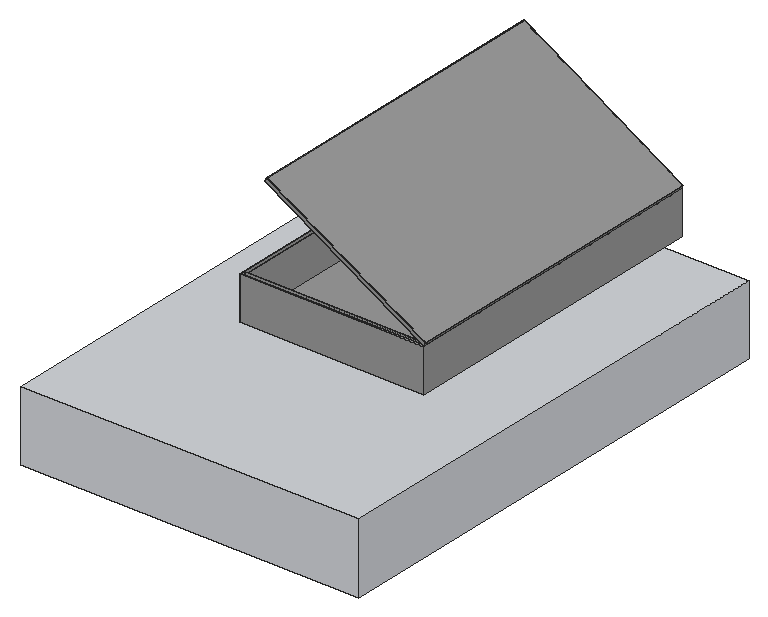
Revit family "Hager-Univers-IP54-D205-H1400-Cl.II-Encl-PT-pt", category Equipement électrique, Revit 2020
Family settings
  Hôte = Face
  Configuration du panneau = Deux colonnes, circuits au sein
  Cote de connecteur circulaire = Utiliser le diamètre
  Type d'élément = Tableau de raccordement
  Couper avec des vides une fois chargée = Non
  Partagée = Non
  Point de calcul de pièce = Non
Parameters (values of type "Montagem em superfície (gesso) IP54 L800 A1400 P205  - FP93SW2")
  Width Control [instance] = if([EF000008 - Largura] > Min Width, [EF000008 - Largura], Min Width)  # 800 mm
  Commentaires du type = [HG000003 - Gama]  # "Univers"
  Thickness Door [instance] = if([EF009171 - Espessura do material da porta/tampa] > 3 mm, 3 mm, [EF009171 - Espessura do material da porta/tampa])  # 1 mm
  Seal Frame Offset [instance] = 17 mm  # constant formula
  Plinth Visibility [instance] = [HG000027 - Altura da Plinta] > 0 mm  # no
  Model = ""
  Min Width [instance] = 100 mm  # constant formula
  Min Height [instance] = 100 mm  # constant formula
  Min Depth [instance] = (2 * [EF009170 - Espessura do material do invólucro]) + 1 mm  # 3 mm
  Internal Frame Depth [instance] = (Door System Depth * 0.5)  # 9 mm
  Height Control [instance] = if([EF000040 - Altura] > Min Height, [EF000040 - Altura], Min Height)  # 1400 mm
  HG000027 - Altura da Plinta = 0 mm
  HG000026 - Instalação no chão = no
  HG000024 - Altura da secção inferior = 800 mm
  HG000023 - Recinto de secção dupla = no
  HG000016 - Visibilidade da porta 3D [instance] = yes
  HG000015 - Visibilidade através da porta [instance] = no
  HG000014 - Porta à direita [instance] = yes
  HG000013 - Porta à esquerda [instance] = not([HG000014 - Porta à direita])  # no
  HG000012 - Ângulo de abertura de porta [instance] = 30.00°
  HG000010 - Portas assimétricas = no
  HG000009 - Porta dupla = no
  HG000006 - Encastrado = no
  HG000004 - Referência do Fabricante = "FP93SW2"
  HG000003 - Gama = "Univers"
  HG000002 - Com porta ou tampa = yes
  Frame Offset Bottom [instance] = 10 mm  # constant formula
  Frame Offset [instance] = 15 mm  # constant formula
  EF015940 - Tampa com libertação de sobrepressão = no
  EF011959 - Grau de proteção (NEMA) = ""
  EF009554 - Número de aberturas para placas de flange = 6
  Fabricant = "Hager"  # constant formula
  EF009212 - Tipo de tampa = "EV000116 - Fechado"
  EF009171 - Espessura do material da porta/tampa = 1 mm
  EF009170 - Espessura do material do invólucro = 1 mm
  EF008873 - Corrente nominal (In) = 250 A
  EF007800 - Adequado para proteção contra raios = no
  EF006306 - Com fecho = no
  EF006244 - Tampa/porta transparente = no
  EF005474 - Grau de proteção (IP) = "EV006419 - IP54"
  EF004464 - Tipo de porta = "EV002646 - Único"
  EF004427 - Número de módulos = 324
  EF004293 - Força de impacto = "EV006815 - IK09"
  EF003532 - Adequado para uso no exterior = no
  EF002950 - Largura em número de módulos = 36
  EF001613 - Integridade do circuito = "EV000494 - Nenhum"
  EF001596 - Material do corpo = "EV000179 - Aço"
  EF001131 - Profundidade interior = 130 mm
  EF001088 - Extensão possível = yes
  EF000437 - Número de entradas de condutores = 6
  EF000339 - Tipo de difusor = "EV004216 - Porta"
  EF000266 - Número de linhas = 9
  EF000218 - Profundidade incorporada = 205 mm
  EF000118 - Com tampa de montagem = no
  EF000116 - Número RAL = "9010"
  EF000049 - Profundidade = 205 mm
  EF000040 - Altura = 1400 mm
  EF000008 - Largura = 800 mm
  EF000007 - Cor = "EV000202 - Branco"
  EF000003 - Método de montagem = "EV000384 - Montagem em superfície (gesso)"
  Door System Leaf Tolerance [instance] = 1.5 mm  # constant formula
  Door System Depth [instance] = 18 mm  # constant formula
  Door Height [instance] = Height Control - [HG000027 - Altura da Plinta]  # 1400 mm
  Depth Control [instance] = if([EF000049 - Profundidade] > Min Depth, [EF000049 - Profundidade], Min Depth)  # 205 mm
  Default Elevation = 0 mm
  Connector Offset [instance] = Height Control / 2  # 700 mm
  Bottom Top Plate Trim [instance] = 1.5 mm  # constant formula
  Plinth height Ctrl [instance] = if([HG000027 - Altura da Plinta] > 0 mm, [HG000027 - Altura da Plinta], 12 mm)  # 12 mm
Types (5, lengths in mm): name | Width Control | HG000010 - Portas assimétricas | HG000009 - Porta dupla | HG000004 - Referência do Fabricante | EF009554 - Número de aberturas para placas de flange | EF004464 - Tipo de porta | EF004427 - Número de módulos | EF002950 - Largura em número de módulos | EF000437 - Número de entradas de condutores | EF000008 - Largura
  Montagem em superfície (gesso) IP54 L1050 A1400 P205  - FP94SW2 | 1050 | no | yes | "FP94SW2" | 8 | "EV003602 - Duplo" | 432 | 48 | 8 | 1050
  Montagem em superfície (gesso) IP54 L1300 A1400 P205  - FP95SW2 | 1300 | yes | yes | "FP95SW2" | 10 | "EV003602 - Duplo" | 540 | 60 | 10 | 1300
  Montagem em superfície (gesso) IP54 L300 A1400 P205  - FP91SW2 | 300 | no | no | "FP91SW2" | 2 | "EV002646 - Único" | 108 | 12 | 2 | 300
  Montagem em superfície (gesso) IP54 L550 A1400 P205  - FP92SW2 | 550 | no | no | "FP92SW2" | 4 | "EV002646 - Único" | 216 | 24 | 4 | 550
  Montagem em superfície (gesso) IP54 L800 A1400 P205  - FP93SW2 | 800 | no | no | "FP93SW2" | 6 | "EV002646 - Único" | 324 | 36 | 6 | 800
Reference planes
  plane 1 "Center (Front/Back)": y = 0
  plane 2: z = 0
  plane 3 "Center (Left/Right)": x = 0
  plane 4: z = 205
  plane 5: y = 1
  plane 6: y = 700
  plane 7: y = 0
  plane 8: y = 1400
  plane 9: z = 0
  plane 10: x = -385
  plane 11: x = 385
  plane 12: x = 384
  plane 13: x = -384
  plane 14: y = 1399
  plane 15: x = -383
  plane 16: x = -400
  plane 17: x = 383
  plane 18: x = 400
  plane 19: x = 399
  plane 20: x = -399
  plane 21: y = 11
  plane 22: y = 1400
  plane 23: y = 1384
  plane 24: z = 187
  plane 25: z = 1
  plane 26: z = 186
  plane 27: z = 204
Forms (mm)
  Extrusion 1, solid
    sketch origin (0, 0, 0) x (1, 0, 0) y (0, 1, 0)
      loop
        line (-702.964, 1305) -> (-702.964, -811.445) -> (766.763, -811.445) -> (766.763, 1305) -> (-702.964, 1305)
    from 0 to -304.8
  Extrusion 2, solid, material "Hager_Steel_RAL7035_Light_Grey", visible <- "Plinth Visibility", detail levels medium+fine
    sketch origin (0, 0, 0) x (1, 0, 0) y (0, 1, 0)
      loop
        line (-400, 0) -> (400, 0) -> (400, 12) -> (-400, 12) -> (-400, 0)
    from 0 to 187
  Extrusion 3, solid, material "Hager_Steel_RAL7035_Light_Grey", detail levels medium+fine
    sketch origin (0, 0, 0) x (1, 0, 0) y (0, 1, 0)
      loop
        line (-400, 0) -> (400, 0) -> (400, 1400) -> (-400, 1400) -> (-400, 0)
    from 0 to 187
  Extrusion 4, void
    sketch origin (0, 0, 0) x (1, 0, 0) y (0, 1, 0)
      loop
        line (-399, 1) -> (399, 1) -> (399, 1399) -> (-399, 1399) -> (-399, 1)
    from 1 to 186
  Extrusion 5, void
    sketch origin (-381.607, -4572, 187) x (0, -1, 0) y (-1, 0, 0)
      loop
        line (-4583, 2.393) -> (-5956, 2.393) -> (-5956, -765.607) -> (-4583, -765.607) -> (-4583, 2.393)
    from 0 to 1 <- "EF009170 - Espessura do material do invólucro"
  Extrusion 6, solid, material "Hager_Steel_RAL7035_Light_Grey", detail levels fine
    sketch origin (0, 0, 187) x (1, 0, 0) y (0, 1, 0)
      loop
        line (-384, 1384) -> (-384, 11) -> (384, 11) -> (384, 1384) -> (-384, 1384)
      loop
        line (-385, 10) -> (385, 10) -> (385, 1385) -> (-385, 1385) -> (-385, 10)
    from 0 to 9 <- "Internal Frame Depth"
  Extrusion 7, solid, material "Hager_Steel_RAL7035_Light_Grey", detail levels coarse
    sketch origin (0, 0, 0) x (1, 0, 0) y (0, 1, 0)
      loop
        line (-400, 0) -> (400, 0) -> (400, 1400) -> (-400, 1400) -> (-400, 0)
    from 0 to 205
  Sweep 8, void
    path in 3D
      loop
        line (-400, 12, 0) -> (400, 12, 0) -> (400, 12, 187) -> (-400, 12, 187) -> (-400, 12, 0)
    profile origin (-400, 12, 93.5) x (-1, 0, 0) y (0, -1, 0)
      loop
        line (0, 0) -> (0, 1.5) -> (-1.5, 1.5)
        arc (-1.5, 1.5) -> (-1.061, 0.439) -> (0, 0) r 1.5
Cuts and joins
  Extrusion 4, Extrusion 5 cuts Extrusion 3
  Sweep 8 cuts Extrusion 2
Lines and regions (mm)
  Masking region 1
    outline origin (0, 0, 0) x (1, 0, 0) y (0, 0, 1)
      loop
        line (-400, 205) -> (-400, 0) -> (400, 0) -> (400, 205) -> (-400, 205)
  Masking region 2, detail levels medium+fine
    outline origin (0, 140, 0) x (0, 1, 0) y (0, 0, 1)
      loop
        line (-140, 0) -> (1260, 0) -> (1260, 187) -> (-140, 187) -> (-140, 0)
  Masking region 3, not visible, detail levels medium+fine
    outline origin (0, 297.922, 0) x (0, 1, 0) y (0, 0, 1)
      loop
        line (413.578, 0) -> (453.578, 0) -> (453.578, 194)
        arc (453.578, 194) -> (450.649, 201.071) -> (443.578, 204) r 10
        line (443.578, 204) -> (413.578, 204) -> (413.578, 0)
  Masking region 4, detail levels coarse
    outline origin (0, 0, 180) x (0, 1, 0) y (0, 0, 1)
      loop
        line (0, -180) -> (1400, -180) -> (1400, 25) -> (0, 25) -> (0, -180)
  Masking region 5, visible <- "Plinth Visibility", detail levels medium+fine
    outline origin (0, 52.24, 12.345) x (0, 0, -1) y (0, 1, 0)
      loop
        line (10.845, -40.24) -> (-173.155, -40.24)
        arc (-173.155, -40.24) -> (-173.594, -41.301) -> (-174.655, -41.74) r 1.5
        line (-174.655, -41.74) -> (-174.655, -52.24) -> (12.345, -52.24) -> (12.345, -41.74)
        arc (12.345, -41.74) -> (11.285, -41.301) -> (10.845, -40.24) r 1.5
  Masking region 6, detail levels medium+fine
    outline origin (-381.607, -4572, 187) x (-1, 0, 0) y (0, -1, 0)
      loop
        line (18.393, -5972) -> (18.393, -4572) -> (-781.607, -4572) -> (-781.607, -5972) -> (18.393, -5972)
  Masking region 7, visible <- "Plinth Visibility", detail levels medium+fine
    outline origin (-381.607, -4727, 187) x (-1, 0, 0) y (0, -1, 0)
      loop
        arc (16.893, -4739) -> (17.332, -4737.939) -> (18.393, -4737.5) r 1.5
        line (18.393, -4737.5) -> (18.393, -4727) -> (-781.607, -4727) -> (-781.607, -4737.5)
        arc (-781.607, -4737.5) -> (-780.546, -4737.939) -> (-780.107, -4739) r 1.5
        line (-780.107, -4739) -> (16.893, -4739)
  Masking region 8, detail levels coarse
    outline origin (-442.548, -4669.526, 187) x (-1, 0, 0) y (0, -1, 0)
      loop
        line (-42.548, -6069.526) -> (-42.548, -4669.526) -> (-842.548, -4669.526) -> (-842.548, -6069.526) -> (-42.548, -6069.526)
  sketch lines
    curve 1: line (-400, 12, 187) -> (-400, 12, 0)
    curve 2: line (400, 12, 187) -> (-400, 12, 187)
    curve 3: line (400, 12, 187) -> (400, 12, 0)
    curve 4: line (-400, 12, 0) -> (400, 12, 0)
Dimensions and locks
  "Depth Control": plane 4 to Extrusion 1
  "HG000027 - Altura da Plinta": plane 1 "Center (Front/Back)" to plane 7
  "EF009170 - Espessura do material do invólucro": plane 5 to plane 7
  locked: connector elem to plane 3 "Center (Left/Right)"
  equal spacing: plane 8, plane 6, plane 7
  locked: connector elem to plane 6
  "EF009170 - Espessura do material do invólucro": plane 8 to plane 14
  "EF009170 - Espessura do material do invólucro": plane 10 to plane 13
  "EF009170 - Espessura do material do invólucro": plane 12 to plane 11
  "Frame Offset": plane 20 to plane 13
  "Frame Offset": plane 12 to plane 19
  "EF009170 - Espessura do material do invólucro": plane 16 to plane 20
  "EF009170 - Espessura do material do invólucro": plane 19 to plane 18
  "Seal Frame Offset": plane 16 to plane 15
  "Seal Frame Offset": plane 17 to plane 18
  "Frame Offset Bottom": plane 21 to plane 5
  "Frame Offset": plane 14 to plane 23
  equal spacing: plane 16, plane 3 "Center (Left/Right)", plane 18
  "Width Control": plane 16 to plane 18
  "EF009170 - Espessura do material do invólucro": plane 4 to plane 27
  "EF009170 - Espessura do material do invólucro": plane 24 to plane 26
  "EF009170 - Espessura do material do invólucro": plane 25 to level
  "Door System Depth": plane 4 to plane 24
  "Height Control": plane 1 "Center (Front/Back)" to Extrusion 7 sketch curve
  "Height Control": Masking region 4 sketch curve to plane 1 "Center (Front/Back)"
  "Height Control": plane 1 "Center (Front/Back)" to plane 22
  "Bottom Top Plate Trim": profile plane to Sweep 8 sketch curve
  "Bottom Top Plate Trim": Sweep 8 sketch curve to profile plane
  "Plinth height Ctrl": plane 1 "Center (Front/Back)" to Extrusion 2 sketch curve
  "Plinth height Ctrl": Masking region 5 sketch curve to plane 1 "Center (Front/Back)"
  "Plinth height Ctrl": plane 1 "Center (Front/Back)" to Masking region 7 sketch curve
  "Thickness Door": Extrusion 6 sketch curve to Extrusion 6 sketch curve  (x3)
  "Thickness Door": cut or joined group of Extrusion 3, Extrusion 4, Extrusion 5 to Extrusion 6 sketch curve
  radius of Masking region 3 sketch curve = 10 mm
  "Bottom Top Plate Trim": radius of Masking region 5 sketch curve  (x2)
  "Bottom Top Plate Trim": radius of Sweep 8 sketch curve
  "Bottom Top Plate Trim": radius of Masking region 7 sketch curve  (x2)
  aligned and locked: plane 2 to Extrusion 1
  aligned and locked: level to Extrusion 1
  aligned and locked: level to Masking region 1 sketch curve
  aligned and locked: Masking region 1 sketch curve to plane 18
  aligned and locked: Masking region 1 sketch curve to plane 16
  aligned and locked: plane 7 to Masking region 2 sketch curve
  aligned and locked: level to Masking region 3 sketch curve
  aligned and locked: Masking region 3 sketch curve to plane 27
  aligned and locked: level to Masking region 2 sketch curve
  aligned and locked: plane 1 "Center (Front/Back)" to Extrusion 2 sketch curve
  aligned and locked: Extrusion 3 sketch curve to plane 7
  aligned and locked: plane 16 to Extrusion 3 sketch curve
  aligned and locked: plane 18 to Extrusion 3 sketch curve
  aligned and locked: plane 20 to Extrusion 4 sketch curve
  aligned and locked: plane 19 to Extrusion 4 sketch curve
  aligned and locked: Extrusion 4 sketch curve to plane 5
  aligned and locked: Extrusion 4 to plane 25
  aligned and locked: plane 26 to Extrusion 4
  aligned and locked: plane 24 to Extrusion 3
  aligned and locked: Extrusion 5 sketch curve to plane 21
  aligned and locked: Extrusion 5 sketch curve to plane 13
  aligned and locked: Extrusion 5 sketch curve to plane 12
  aligned and locked: plane 18 to Extrusion 7 sketch curve
  aligned and locked: plane 1 "Center (Front/Back)" to Extrusion 7 sketch curve
  aligned and locked: plane 16 to Extrusion 7 sketch curve
  aligned and locked: plane 4 to Extrusion 7
  aligned and locked: Extrusion 7 to level
  aligned and locked: level to Masking region 4 sketch curve
  aligned and locked: Masking region 4 sketch curve to plane 1 "Center (Front/Back)"
  aligned and locked: Masking region 4 sketch curve to plane 4
  aligned and locked: nested 1 to level
  aligned and locked: nested 1 to plane 16
  aligned and locked: plane 8 to Extrusion 3 sketch curve
  aligned and locked: plane 23 to Extrusion 5 sketch curve
  aligned and locked: plane 14 to Extrusion 4 sketch curve
  aligned and locked: Masking region 2 sketch curve to plane 8
  aligned and locked: level to Masking region 5 sketch curve
  aligned and locked: plane 16 to Extrusion 2 sketch curve
  aligned and locked: plane 18 to Extrusion 2 sketch curve
  aligned and locked: Masking region 5 sketch curve to plane 24
  aligned and locked: Masking region 2 sketch curve to plane 24
  aligned and locked: plane 24 to Extrusion 2
  aligned and locked: profile plane to Sweep 8 sketch curve  (x2)
  aligned and locked: Masking region 6 sketch curve to plane 18
  aligned and locked: Masking region 6 sketch curve to plane 22
  aligned and locked: Masking region 6 sketch curve to plane 16
  aligned and locked: plane 8 to plane 22
  aligned and locked: Masking region 6 sketch curve to plane 7
  aligned and locked: Masking region 7 sketch curve to plane 16
  aligned and locked: Masking region 7 sketch curve to plane 1 "Center (Front/Back)"
  aligned and locked: Masking region 7 sketch curve to plane 18
  aligned and locked: Masking region 8 sketch curve to plane 1 "Center (Front/Back)"
  aligned and locked: Masking region 8 sketch curve to plane 18
  aligned and locked: Masking region 8 sketch curve to plane 22
  aligned and locked: Masking region 8 sketch curve to plane 16
  aligned and locked: nested 2 to plane 7
  aligned and locked: plane 3 "Center (Left/Right)" to nested 2
  aligned and locked: nested 2 to plane 24
  aligned and locked: Extrusion 6 sketch curve to cut or joined group of Extrusion 3, Extrusion 4, Extrusion 5  (x4)
Automatic sketch dimensions
  Extrusion 1 sketch curve to Extrusion 1 sketch curve = 1469.727 mm
  Extrusion 1 sketch curve to Extrusion 1 sketch curve = 2116.445 mm
  Masking region 1 sketch curve to plane 4 = 0 mm
  plane 6 to Masking region 3 sketch curve = 11.5 mm
  Masking region 3 sketch curve to Masking region 3 sketch curve = 30 mm
  Masking region 5 sketch curve to plane 1 "Center (Front/Back)" = 0 mm
Nested families
  nested 1: "Hager_Enclosure_Symbol" at (-400, 0, 0) x (1, 0, 0) z (0, -1, 0), Height <- "Depth Control", Width <- "Width Control", type "Hager_Enclosure_Symbol"
    with Width_Ctrl 800 mm, Width 800 mm, Height_Ctrl 205 mm, Height 205 mm, A_Width_Int 13.453 mm, A_Width 161.438 mm, A_Height_Ctrl 179.375 mm, A_Height 179.375 mm
  nested 2: "EC000058_Univers_Door" at (0, 0, 187) x (1, 0, 0) z (0, 1, 0), Leaf_Tolerance <- "Door System Leaf Tolerance", Angle <- "HG000012 - Ângulo de abertura de porta", Door_Depth <- "Door System Depth", Door_Left <- "HG000013 - Porta à esquerda", Transparent <- "EF006244 - Tampa/porta transparente", Assymetrical <- "HG000010 - Portas assimétricas", Width <- "Width Control", Clearance <- "HG000015 - Visibilidade através da porta", Double <- "HG000009 - Porta dupla", 3d_Door <- "HG000016 - Visibilidade da porta 3D", Lock_Visibility <- "EF006306 - Com fecho", Width_Ctrl <- "Width Control", Door_Right <- "HG000014 - Porta à direita", Door <- "HG000002 - Com porta ou tampa", Height <- "Door Height", Thickness <- "Thickness Door", type "EC000058_Univers_Door", detail levels medium+fine
    with min_wh 3 mm, Width_Ctrl 800 mm, Width 800 mm, Transparent no, Thickness 1 mm, Seal_Material Hager_Rubber, Lock_Visibility no, Lock_Material Hager_Plastic_RAL9005_Jet_Black, Leaf_Width 800 mm, Leaf_Tolerance_External_Sides 0 mm, Leaf_Tolerance 1.5 mm, Leaf_Offset 0 mm, Leaf_Height 1397 mm, Leaf_2_Width 800 mm, Leaf_2_Offset 400 mm, Leaf_1_Width 800 mm, Leaf_1_Offset 400 mm, Height_Ctrl 1400 mm, Height 1400 mm, Glass_Material Hager_Glass, Double_Clearance_Ctrl no, Double no, Door_Right_Ctrl yes, Door_Right yes, Door_Material Hager_Steel_RAL7035_Light_Grey, Door_Left_Ctrl no, Door_Left no, Door_Depth 18 mm, Door yes, Clearance_Material Hager_Clearance, Clearance_Depth 800 mm, Clearance_Ctrl no, Clearance no, Assymetrical no, Angle 30.00°, 3d_Door yes
Connectors
  electrical at (0, 700, 0)
    settings: on plane 9, index 1, voltage 0 V, apparent load 0 VA, apparent load phase1 0 VA, apparent load phase2 0 VA, apparent load phase3 0 VA, power factor 1, load classification "Other", number of poles 1, system type 30, power factor state 1, is connector primary yes, connector utility no, sub classification motor no, connector description ""
Definition of nested family "EC000058_Univers_Door"
  Parameters (values of type "EC000058_Univers_Door")
    min_wh [instance] = (2 * Thickness) + 1 mm  # 11 mm
    Width_Ctrl [instance] = 400 mm
    Width [instance] = 500 mm
    Transparent [instance] = yes
    Thickness [instance] = 5 mm
    Seal_Material [instance] = none
    Lock_Visibility [instance] = yes
    Lock_Material [instance] = none
    Leaf_Width [instance] = if((Width_Ctrl - 2 * Leaf_Tolerance_External_Sides) > 0 mm, (Width_Ctrl - 2 * Leaf_Tolerance_External_Sides), min_wh)  # 400 mm
    Leaf_Tolerance_External_Sides [instance] = 0 mm  # constant formula
    Leaf_Tolerance [instance] = 1.5 mm
    Leaf_Offset [instance] = 0 mm  # constant formula
    Leaf_Height [instance] = if((Height_Ctrl - 2 * Leaf_Tolerance) > 0 mm, (Height_Ctrl - 2 * Leaf_Tolerance), min_wh)  # 497 mm
    Leaf_2_Width [instance] = if(and(and(Double, Assymetrical), Door_Left), (Leaf_Width / 3) - (Leaf_Tolerance / 2), if(and(and(Double, Assymetrical), Door_Right), (Leaf_Width / 3) * 2 - (Leaf_Tolerance / 2), if(and(Double, not(Assymetrical)), (Leaf_Width / 2) - Leaf_Tolerance, Leaf_Width)))  # 400 mm
    Leaf_2_Offset [instance] = if(and(Double, Assymetrical), Leaf_2_Width / 2, if(and(Double, not(Assymetrical)), Leaf_Width / 4, Leaf_Width / 2))  # 200 mm
    Leaf_1_Width [instance] = if(and(and(Double, Assymetrical), Door_Right), (Leaf_Width / 3) - (Leaf_Tolerance / 2), if(and(and(Double, Assymetrical), Door_Left), (Width / 3) * 2 - (Leaf_Tolerance / 2), if(and(Double, not(Assymetrical)), (Leaf_Width / 2) - Leaf_Tolerance, Leaf_Width)))  # 400 mm
    Leaf_1_Offset [instance] = if(and(Double, Assymetrical), Leaf_1_Width / 2, if(and(Double, not(Assymetrical)), Leaf_Width / 4, Leaf_Width / 2))  # 200 mm
    Height_Ctrl [instance] = if(Height > min_wh, Height, min_wh)  # 500 mm
    Height [instance] = 500 mm
    Glass_Material [instance] = none
    Double_Clearance_Ctrl [instance] = and(Double, Clearance)  # no
    Double [instance] = no
    Door_Right_Ctrl [instance] = and(or(Door_Right, Double), Door)  # yes
    Door_Right [instance] = yes
    Door_Material [instance] = none
    Door_Left_Ctrl [instance] = and(or(Door_Left, Double), Door)  # no
    Door_Left [instance] = no
    Door_Depth [instance] = 30 mm
    Door [instance] = yes
    Default Elevation = 1219.2 mm
    Clearance_Material [instance] = none
    Clearance_Depth [instance] = if(Leaf_1_Width > Leaf_2_Width, Leaf_1_Width, Leaf_2_Width)  # 400 mm
    Clearance_Ctrl [instance] = and(not(Double), Clearance)  # yes
    Clearance [instance] = yes
    Assymetrical [instance] = yes
    Angle [instance] = 30.00°
    3d_Door [instance] = yes
  Reference planes
    plane 1 "Center (Front/Back)": y = 0
    plane 2 "Bottom": z = 0
    plane 3 "Center (Left/Right)": x = 0
    plane 4: z = 500
    plane 5: x = -200
    plane 6: x = 200
    plane 7: z = 500
    plane 8: x = -200
    plane 9: z = 0
    plane 10: x = 200
    plane 11: y = 0
    plane 12: z = 1.5
    plane 13: x = -600
    plane 14: y = -400
    plane 15: x = 600
    plane 16: x = 0
    plane 17: x = 0
    plane 18: x = -200
    plane 19: x = 200
    plane 20: z = 498.5
  Forms (mm)
    Extrusion 1, solid, material <- "Clearance_Material", visible <- "Double_Clearance_Ctrl"
      sketch origin (1200, 0, 0) x (1, 0, 0) y (0, 0, -1)
        loop
          line (-1800, -498.5) -> (-600, -498.5) -> (-600, 0) -> (-1800, 0) -> (-1800, -498.5)
      from 0 to -400
  Dimensions and locks
    equal spacing: plane 5, plane 3 "Center (Left/Right)", plane 6
    "Width_Ctrl": plane 5 to plane 6
    "Leaf_Offset": plane 5 to plane 8
    "Leaf_Offset": plane 6 to plane 10
    "Leaf_Offset": plane 9 to level
    "Leaf_Offset": plane 4 to plane 7
    "Height_Ctrl": plane 4 to level
    "Leaf_Tolerance": plane 12 to plane 9
    locked: plane 11 to plane 1 "Center (Front/Back)"
    "Leaf_1_Offset": plane 18 to plane 16
    "Leaf_2_Offset": plane 17 to plane 19
    "Leaf_1_Width": plane 13 to plane 8
    "Leaf_2_Width": plane 10 to plane 15
    "Clearance_Depth": plane 14 to plane 1 "Center (Front/Back)"
    "Leaf_Tolerance_External_Sides": plane 8 to plane 18
    "Leaf_Tolerance_External_Sides": plane 19 to plane 10
    "Leaf_Tolerance": plane 7 to plane 20
    aligned and locked: level to plane 2 "Bottom"
    aligned and locked: nested 1 to plane 16
    aligned and locked: nested 2 to plane 17
    aligned and locked: Extrusion 1 to plane 13
    aligned and locked: plane 15 to Extrusion 1
    aligned and locked: Extrusion 1 to plane 14
    aligned and locked: plane 12 to nested 1
    aligned and locked: nested 2 to plane 12
    aligned and locked: Extrusion 1 to plane 11
    aligned and locked: plane 20 to Extrusion 1
    aligned and locked: nested 2 to plane 11
    aligned and locked: nested 1 to plane 11
  Automatic sketch dimensions
    Extrusion 1 sketch curve to level = 0 mm
    plane 5 to Extrusion 1 sketch curve = 400 mm
    plane 6 to Extrusion 1 sketch curve = 400 mm
    Extrusion 1 sketch curve to plane 4 = 1.5 mm
  Nested families
    nested 1: "EC000058_Univers_Door_Leaf" at (0, 0, 1.5), Width <- "Leaf_1_Width", visible <- "Door_Left_Ctrl", Leaf_Height <- "Leaf_Height", Angle <- "Angle", 3d_Door <- "3d_Door", Transparent <- "Transparent", Clearance Material <- "Clearance_Material", Clearance <- "Clearance_Ctrl", Door_Material <- "Door_Material", Glass_Material <- "Glass_Material", Door_Depth <- "Door_Depth", Lock_Material <- "Lock_Material", Seal_Material <- "Seal_Material", Lock_Visibility <- "Lock_Visibility", Thickness <- "Thickness", type "EC000058_Univers_Door_Leaf"
      with Width 400 mm, Transparent_Glass_Offset 30 mm, Transparent_Ctrl yes, Transparent yes, Thickness 5 mm, Standard no, Seal_Material none, Seal_D2 8 mm, Seal_D1 1 mm, Offset_Internal_Frame 10 mm, Lock_Width 20 mm, Lock_Visibility_3d yes, Lock_Visibility yes, Lock_Thickness_3 3 mm, Lock_Thickness_2 1 mm, Lock_Thickness_1 3 mm, Lock_Radius_Offset_2 16 mm, Lock_Radius_Offset_1 15 mm, Lock_Radius_2 5 mm, Lock_Radius 6 mm, Lock_Offset 5 mm, Lock_Material none, Lock_Height 80 mm, Lock_Cover_Top_Offset_2d 17 mm, Lock_Cover_Height -65 mm, Leaf_Height 497 mm, Internal_Seal_Thickness 8 mm, Internal_Seal_Depth_2 4.5 mm, Internal_Frame_Depth 25 mm, Glass_Thickness -1 mm, Glass_Offset -2 mm, Glass_Material none, Door_Material none, Door_Depth 30 mm, Clearance Material none, Clearance yes, Angle_Ctrl 30.00°, Angle 30.00°, 3d_Door yes
    nested 2: "EC000058_Univers_Door_Leaf" at (0, 0, 1.5) x (-1, 0, 0) z (0, 0, 1), Width <- "Leaf_2_Width", visible <- "Door_Right_Ctrl", Leaf_Height <- "Leaf_Height", Angle <- "Angle", 3d_Door <- "3d_Door", Transparent <- "Transparent", Clearance Material <- "Clearance_Material", Clearance <- "Clearance_Ctrl", Door_Material <- "Door_Material", Glass_Material <- "Glass_Material", Door_Depth <- "Door_Depth", Lock_Material <- "Lock_Material", Seal_Material <- "Seal_Material", Lock_Visibility <- "Lock_Visibility", Thickness <- "Thickness", type "EC000058_Univers_Door_Leaf"
      with Width 400 mm, Transparent_Glass_Offset 30 mm, Transparent_Ctrl yes, Transparent yes, Thickness 5 mm, Standard no, Seal_Material none, Seal_D2 8 mm, Seal_D1 1 mm, Offset_Internal_Frame 10 mm, Lock_Width 20 mm, Lock_Visibility_3d yes, Lock_Visibility yes, Lock_Thickness_3 3 mm, Lock_Thickness_2 1 mm, Lock_Thickness_1 3 mm, Lock_Radius_Offset_2 16 mm, Lock_Radius_Offset_1 15 mm, Lock_Radius_2 5 mm, Lock_Radius 6 mm, Lock_Offset 5 mm, Lock_Material none, Lock_Height 80 mm, Lock_Cover_Top_Offset_2d 17 mm, Lock_Cover_Height -65 mm, Leaf_Height 497 mm, Internal_Seal_Thickness 8 mm, Internal_Seal_Depth_2 4.5 mm, Internal_Frame_Depth 25 mm, Glass_Thickness -1 mm, Glass_Offset -2 mm, Glass_Material none, Door_Material none, Door_Depth 30 mm, Clearance Material none, Clearance yes, Angle_Ctrl 30.00°, Angle 30.00°, 3d_Door yes
  Definition of nested family "EC000058_Univers_Door_Leaf"
    Parameters (values of type "EC000058_Univers_Door_Leaf")
      Width [instance] = 2000 mm
      Transparent_Glass_Offset [instance] = 30 mm
      Transparent_Ctrl [instance] = and(Transparent, [3d_Door])  # yes
      Transparent [instance] = yes
      Thickness [instance] = 5 mm
      Standard [instance] = and(not(Transparent), [3d_Door])  # no
      Seal_Material [instance] = none
      Seal_D2 [instance] = 8 mm  # constant formula
      Seal_D1 [instance] = 1 mm  # constant formula
      Offset_Internal_Frame [instance] = 10 mm  # constant formula
      Lock_Width [instance] = 20 mm  # constant formula
      Lock_Visibility_3d [instance] = and(Lock_Visibility, [3d_Door])  # yes
      Lock_Visibility [instance] = yes
      Lock_Thickness_3 [instance] = 3 mm  # constant formula
      Lock_Thickness_2 [instance] = 1 mm  # constant formula
      Lock_Thickness_1 [instance] = 3 mm  # constant formula
      Lock_Radius_Offset_2 [instance] = Lock_Radius_Offset_1 + 1 mm  # 16 mm
      Lock_Radius_Offset_1 [instance] = 15 mm  # constant formula
      Lock_Radius_2 [instance] = Lock_Radius - 1 mm  # 5 mm
      Lock_Radius [instance] = 6 mm  # constant formula
      Lock_Offset [instance] = 5 mm  # constant formula
      Lock_Material [instance] = none
      Lock_Height [instance] = 80 mm  # constant formula
      Lock_Cover_Top_Offset_2d [instance] = Lock_Radius_Offset_2 + 1 mm  # 17 mm
      Lock_Cover_Height [instance] = -(Lock_Height - Lock_Radius_Offset_1)  # -65 mm
      Leaf_Height [instance] = 2720.336 mm
      Internal_Seal_Thickness [instance] = 8 mm  # constant formula
      Internal_Seal_Depth_2 [instance] = 4.5 mm  # constant formula
      Internal_Frame_Depth [instance] = if(Door_Depth - Thickness > 5 mm, Door_Depth - Thickness, 5 mm)  # 25 mm
      Glass_Thickness [instance] = if(Thickness > 15 mm, Glass_Offset + 10 mm, -1 mm)  # -1 mm
      Glass_Offset [instance] = if(Thickness > 15 mm, -(Thickness + 10 mm) / 2, -2 mm)  # -2 mm
      Glass_Material [instance] = none
      Door_Material [instance] = none
      Door_Depth [instance] = 30 mm
      Default Elevation = 0 mm
      Clearance Material [instance] = none
      Clearance [instance] = yes
      Angle_Ctrl [instance] = if(Angle > 180.00°, 180.00°, Angle)  # 90.00°
      Angle [instance] = 90.00°
      3d_Door [instance] = yes
    Reference planes
      plane 1 "Center (Front/Back)": y = 0
      plane 2: z = 0
      plane 3 "Center (Left/Right)": x = 0
      plane 4: y = 2000
      plane 5: x = -1000
      plane 6: x = 1000
      plane 7: x = -3000
      plane 8: z = 2720.336
      plane 9: z = 30
      plane 10: z = 2690.336
      plane 11: x = 970
      plane 12: x = -970
      plane 13: y = -3
      plane 14: z = 107.833
      plane 15: y = -5
      plane 16: y = -223.314
      plane 17: x = -1000
      plane 18: z = 1360.168
      plane 19: y = 30
    Forms (mm)
      Extrusion 1, solid, material <- "Clearance Material", visible <- "Clearance"
        sketch origin (0, 0, 0) x (1, 0, 0) y (0, 0, 1)
          loop
            line (-3000, 2720.336) -> (-3000, 0) -> (1000, 0) -> (1000, 2720.336) -> (-3000, 2720.336)
        from 0 to -2000
      Extrusion 2, solid, material <- "Door_Material", visible <- "Standard", detail levels medium+fine
        sketch origin (-1000, 0, 0) x (0, 1, 0) y (-1, 0, 0)
          loop
            line (0, 30) -> (0, 25) -> (2000, 25) -> (2000, 30) -> (0, 30)
        from 0 to 2720.336 <- "Leaf_Height"
      Extrusion 3, solid, material <- "Door_Material", visible <- "Transparent_Ctrl", detail levels medium+fine
        sketch origin (-1000, 0, 0) x (0, 1, 0) y (-1, 0, 0)
          loop
            line (0, 25) -> (2000, 25) -> (2000, 30) -> (0, 30) -> (0, 25)
        from 0 to 2720.336 <- "Leaf_Height"
      Extrusion 4, void
        sketch origin (-1025, 2000, 0) x (0, 1, 0) y (0, 0, -1)
          loop
            line (-30, -2690.336) -> (-30, -30) -> (-1970, -30) -> (-1970, -2690.336) -> (-30, -2690.336)
        from 0 to 5 <- "Thickness"
      Sweep 5, solid, material <- "Seal_Material", visible <- "Transparent_Ctrl", detail levels fine
        path in 3D
          loop
            line (-1025, 30, 30) -> (-1025, 30, 2690.336) -> (-1025, 1970, 2690.336) -> (-1025, 1970, 30) -> (-1025, 30, 30)
        profile origin (-1025, 1000, 30) x (1, 0, 0) y (0, 0, 1)
          loop
            line (0, 0) -> (0, -8) -> (1, -8) -> (1, 0) -> (0, 0)
      Extrusion 6, solid, material <- "Glass_Material", visible <- "Transparent_Ctrl", detail levels medium+fine
        sketch origin (-1030, 0, 0) x (0, 1, 0) y (0, 0, -1)
          loop
            line (1970, -2690.336) -> (1970, -30) -> (30, -30) -> (30, -2690.336) -> (1970, -2690.336)
        from -2 <- "Glass_Offset" to -1 <- "Glass_Thickness"
      Extrusion 7, solid, material <- "Door_Material", visible <- "3d_Door", detail levels medium+fine
        sketch origin (-1025, 2000, 0) x (0, -1, 0) y (0, 0, -1)
          loop
            line (0, -2720.336) -> (2000, -2720.336) -> (2000, 0) -> (0, 0) -> (0, -2720.336)
          loop
            line (1995, -5) -> (5, -5) -> (5, -2715.336) -> (1995, -2715.336) -> (1995, -5)
        from 0 to 25 <- "Internal_Frame_Depth"
      Sweep 8, solid, material <- "Seal_Material", visible <- "Transparent_Ctrl", detail levels fine
        path in 3D
          loop
            line (-1025, 0, 0) -> (-1025, 2000, 0) -> (-1025, 2000, 2720.336) -> (-1025, 0, 2720.336) -> (-1025, 0, 0)
        profile origin (-1025, 0, 1360.168) x (1, 0, 0) y (0, 1, 0)
          loop
            line (0, 10) -> (2.975, 10)
            arc (2.975, 10) -> (4.053, 10.447) -> (4.5, 11.525) r 1.525
            line (4.5, 11.525) -> (4.5, 16.527)
            arc (4.5, 16.527) -> (4.069, 17.569) -> (3.027, 18) r 1.473
            line (3.027, 18) -> (0, 18) -> (0, 10)
      Extrusion 9, solid, material <- "Lock_Material", visible <- "Lock_Visibility_3d", detail levels fine
        sketch origin (-1030, 0, 0) x (0, 1, 0) y (0, 0, -1)
          loop
            arc (1993.5, -1400.168) -> (1994.561, -1399.729) -> (1995, -1398.668) r 1.5
            line (1995, -1398.668) -> (1995, -1320.168) -> (1975, -1320.168) -> (1975, -1398.668)
            arc (1975, -1398.668) -> (1975.439, -1399.729) -> (1976.5, -1400.168) r 1.5
            line (1976.5, -1400.168) -> (1993.5, -1400.168)
        from 3 <- "Lock_Thickness_1" to 0
      Blend 10, solid, material <- "Lock_Material", visible <- "Lock_Visibility_3d", detail levels fine
        base sketch origin (-1033, 0, 0) x (0, 1, 0) y (0, 0, -1)
          loop
            line (1975, -1320.168) -> (1975, -1398.668)
            arc (1975, -1398.668) -> (1975.439, -1399.729) -> (1976.5, -1400.168) r 1.5
            line (1976.5, -1400.168) -> (1993.5, -1400.168)
            arc (1993.5, -1400.168) -> (1994.561, -1399.729) -> (1995, -1398.668) r 1.5
            line (1995, -1398.668) -> (1995, -1320.168) -> (1975, -1320.168)
        top sketch origin (-1033, 0, 0) x (0, 1, 0) y (0, 0, -1)
          loop
            line (1976, -1320.168) -> (1976, -1398.668)
            arc (1976, -1398.668) -> (1976.146, -1399.022) -> (1976.5, -1399.168) r 0.5
            line (1976.5, -1399.168) -> (1993.5, -1399.168)
            arc (1993.5, -1399.168) -> (1993.854, -1399.022) -> (1994, -1398.668) r 0.5
            line (1994, -1398.668) -> (1994, -1320.168) -> (1976, -1320.168)
        from 0 to 1 <- "Lock_Thickness_2"
      Blend 11, solid, material <- "Lock_Material", visible <- "Lock_Visibility_3d", detail levels fine
        base sketch origin (-1034, 0, 0) x (0, 1, 0) y (0, 0, -1)
          loop
            line (1978, -1320.168) -> (1978, -1384.168)
            arc (1978, -1384.168) -> (1985, -1391.168) -> (1992, -1384.168) r 7
            line (1992, -1384.168) -> (1992, -1320.168) -> (1978, -1320.168)
        top sketch origin (-1034, 0, 0) x (0, 1, 0) y (0, 0, -1)
          loop
            line (1991, -1320.168) -> (1979, -1320.168) -> (1979, -1383.168)
            arc (1979, -1383.168) -> (1985, -1389.168) -> (1991, -1383.168) r 6
            line (1991, -1383.168) -> (1991, -1320.168)
        from 0 to 3 <- "Lock_Thickness_3"
      Extrusion 12, solid, material <- "Lock_Material", visible <- "Lock_Visibility_3d", detail levels fine
        sketch origin (-1030, 1975, 1320.168) x (1, 0, 0) y (0, -1, 0)
          loop
            line (-7, -19) -> (-7, -1) -> (0, -1) -> (0, 0) -> (-8, 0) -> (-8, -20) -> (0, -20) -> (0, -19) -> (-7, -19)
        from 0 to -65 <- "Lock_Cover_Height"
      Extrusion 13, void
        sketch origin (-1038, 1995, 1320.168) x (-1, 0, 0) y (0, 0, -1)
          loop
            line (-5, -65) -> (0, -65) -> (-5, -60) -> (-5, -65)
        from 0 to 20 <- "Lock_Width"
      Extrusion 14, void
        sketch origin (-1038, 1975, 1320.168) x (0, -1, 0) y (0, 0, -1)
          loop
            circle (-10, -15.995) r 6
          loop
            circle (-10, -15.995) r 5
        from 0 to 2
      Extrusion 15, solid, material <- "Lock_Material", visible <- "Lock_Visibility_3d", detail levels medium
        sketch origin (-1030, 0, 0) x (0, 1, 0) y (0, 0, -1)
          loop
            arc (1993.5, -1400.168) -> (1994.561, -1399.729) -> (1995, -1398.668) r 1.5
            line (1995, -1398.668) -> (1995, -1320.168) -> (1975, -1320.168) -> (1975, -1398.668)
            arc (1975, -1398.668) -> (1975.439, -1399.729) -> (1976.5, -1400.168) r 1.5
            line (1976.5, -1400.168) -> (1993.5, -1400.168)
        from 8 to 0
    Cuts and joins
      Extrusion 4 cuts Extrusion 3
      Extrusion 13, Extrusion 14 cuts Extrusion 9
      Extrusion 14 cuts Blend 11
      Extrusion 13, Extrusion 14 cuts Extrusion 12
      joined: Extrusion 9, Blend 10, Blend 11, Extrusion 12
      Extrusion 14 cuts Extrusion 15
    Lines and regions (mm)
      Masking region 1, visible <- "Lock_Visibility", detail levels fine
        outline origin (0, 0, 0) x (0, 1, 0) y (0, 0, 1)
          loop
            line (30, 1320.168) -> (33, 1320.168) -> (33, 1400.168) -> (30, 1400.168) -> (30, 1320.168)
      Masking region 2, visible <- "Lock_Visibility", detail levels fine
        outline origin (0, 3.143, 0) x (0, 1, 0) y (0, 0, 1)
          loop
            line (29.857, 1354.168) -> (30.857, 1354.168) -> (30.857, 1366.168) -> (29.857, 1366.168) -> (29.857, 1354.168)
      Masking region 3, detail levels medium+fine
        outline origin (0, 0, 0) x (0, 1, 0) y (0, 0, 1)
          loop
            line (0, 0) -> (30, 0) -> (30, 2720.336) -> (0, 2720.336) -> (0, 0)
      Masking region 4, detail levels medium+fine
        outline origin (0, 0, 0) x (1, 0, 0) y (0, 0, 1)
          loop
            line (-1000, 2720.336) -> (-1000, 0) -> (1000, 0) -> (1000, 2720.336) -> (-1000, 2720.336)
      Masking region 5, visible <- "Lock_Visibility", detail levels fine
        outline origin (-47.116, 0, 0) x (1, 0, 0) y (0, 0, 1)
          loop
            arc (1024.616, 1399.168) -> (1023.556, 1398.729) -> (1023.116, 1397.668) r 1.5
            line (1023.116, 1397.668) -> (1023.116, 1320.168) -> (1041.116, 1320.168) -> (1041.116, 1397.668)
            arc (1041.116, 1397.668) -> (1040.677, 1398.729) -> (1039.616, 1399.168) r 1.5
            line (1039.616, 1399.168) -> (1024.616, 1399.168)
      Masking region 6, visible <- "Lock_Visibility", detail levels medium+fine
        outline origin (-25, 0, 0) x (1, 0, 0) y (0, 0, 1)
          loop
            arc (1001.5, 1400.168) -> (1000.439, 1399.729) -> (1000, 1398.668) r 1.5
            line (1000, 1398.668) -> (1000, 1320.168) -> (1020, 1320.168) -> (1020, 1398.668)
            arc (1020, 1398.668) -> (1019.561, 1399.729) -> (1018.5, 1400.168) r 1.5
            line (1018.5, 1400.168) -> (1001.5, 1400.168)
      Masking region 7, visible <- "Lock_Visibility", detail levels fine
        outline origin (-73.735, 0, 0) x (1, 0, 0) y (0, 0, 1)
          loop
            line (1051.735, 1382.168) -> (1065.735, 1382.168) -> (1065.735, 1384.168)
            arc (1065.735, 1384.168) -> (1058.735, 1391.168) -> (1051.735, 1384.168) r 7
            line (1051.735, 1384.168) -> (1051.735, 1382.168)
      Masking region 8, visible <- "Lock_Visibility", detail levels fine
        outline origin (-73.735, 0, 0) x (1, 0, 0) y (0, 0, 1)
          loop
            line (1052.735, 1382.168) -> (1064.735, 1382.168) -> (1064.735, 1383.168)
            arc (1064.735, 1383.168) -> (1058.735, 1389.168) -> (1052.735, 1383.168) r 6
            line (1052.735, 1383.168) -> (1052.735, 1382.168)
      Masking region 9, visible <- "Lock_Visibility", detail levels fine
        outline origin (-25, 0, 0) x (1, 0, 0) y (0, 0, 1)
          loop
            line (1020, 1320.168) -> (1020, 1382.168) -> (1000, 1382.168) -> (1000, 1320.168) -> (1020, 1320.168)
      Masking region 10, detail levels medium+fine
        outline origin (0, 0, 0) x (1, 0, 0) y (0, 0, 1)
          loop
            circle (985, 1335.144) r 6
      Masking region 11, detail levels fine
        outline origin (0, 0, 0) x (1, 0, 0) y (0, 0, 1)
          loop
            circle (985, 1335.144) r 5
      Masking region 12, visible <- "Lock_Visibility", detail levels fine
        outline origin (0, 12.767, 0) x (0, 1, 0) y (0, 0, 1)
          loop
            line (20.233, 1320.168) -> (21.233, 1320.168) -> (21.233, 1399.168) -> (20.233, 1400.168) -> (20.233, 1320.168)
      Masking region 13, visible <- "Lock_Visibility", detail levels fine
        outline origin (0, 13.767, -10) x (0, 1, 0) y (0, 0, 1)
          loop
            line (20.233, 1330.168) -> (23.233, 1330.168) -> (23.233, 1399.168) -> (20.233, 1402.168) -> (20.233, 1330.168)
      Masking region 14, visible <- "Lock_Visibility", detail levels fine
        outline origin (0, 12.767, -10) x (0, 1, 0) y (0, 0, 1)
          loop
            line (20.233, 1330.168) -> (25.233, 1330.168) -> (25.233, 1399.305) -> (20.233, 1394.305) -> (20.233, 1330.168)
      Masking region 15, visible <- "Lock_Visibility", detail levels medium
        outline origin (0, 0, 0) x (0, 1, 0) y (0, 0, 1)
          loop
            line (30, 1320.168) -> (38, 1320.168) -> (38, 1400.168) -> (30, 1400.168) -> (30, 1320.168)
      Masking region 16, visible <- "Lock_Visibility", detail levels fine
        outline origin (-1000, 0, 0) x (0, 1, 0) y (-1, 0, 0)
          loop
            line (1975, 30) -> (1995, 30) -> (1995, 38) -> (1975, 38) -> (1975, 30)
          loop
            line (1979, 37) -> (1976, 37) -> (1976, 34) -> (1978, 34) -> (1979, 37)
          loop
            line (1994, 37) -> (1991, 37) -> (1992, 34) -> (1994, 34) -> (1994, 37)
      Masking region 17, visible <- "Lock_Visibility", detail levels medium
        outline origin (-1000, 0, 0) x (0, 1, 0) y (-1, 0, 0)
          loop
            line (1975, 30) -> (1995, 30) -> (1995, 38) -> (1975, 38) -> (1975, 30)
      symbolic lines
        curve 1: line (1000, 0, 0) -> (-3000, 0, 0)
        curve 2: arc (1000, 0, 0) -> (-1000, 2000, 0) -> (-3000, 0, 0) r 2000
        curve 4: line (-1030, 0, 0) -> (-1030, 2000, 0)
      reference lines
        curve 3: line (-1000, 0, 0) -> (-1000, 2000, 0)
      symbolic lines, detail levels medium+fine
        curve 5: line (-1030, 2000, 0) -> (-1025, 2000, 0)
        curve 7: line (-1025, 0, 0) -> (-1030, 0, 0)
        curve 8: line (-1025, 0, 0) -> (-1000, 0, 0)
        curve 9: line (-1000, 0, 0) -> (-1000, 2000, 0)
        curve 10: line (-1000, 2000, 0) -> (-1025, 2000, 0)
      symbolic lines, detail levels fine
        curve 6: line (-1025, 2000, 0) -> (-1025, 0, 0)
      sketch lines
        curve 11: line (-1025, 0, 2720.336) -> (-1025, 0, 0)
        curve 12: line (-1025, 2000, 0) -> (-1025, 0, 0)
        curve 13: line (-1025, 2000, 2720.336) -> (-1025, 2000, 0)
        curve 14: line (-1025, 0, 2720.336) -> (-1025, 2000, 2720.336)
        curve 15: line (-1025, 1970, 30) -> (-1025, 30, 30)
        curve 16: line (-1025, 30, 30) -> (-1025, 30, 2690.336)
        curve 17: line (-1025, 1970, 2690.336) -> (-1025, 1970, 30)
        curve 18: line (-1025, 30, 2690.336) -> (-1025, 1970, 2690.336)
      symbolic lines, visible <- "Transparent", detail levels medium+fine
        curve 19: line (-970, 0, 2690.336) -> (970, 0, 2690.336)
        curve 20: line (-970, 0, 30) -> (-970, 0, 2690.336)
        curve 21: line (970, 0, 30) -> (-970, 0, 30)
        curve 22: line (970, 0, 2690.336) -> (970, 0, 30)
    Dimensions and locks
      "Width": plane 1 "Center (Front/Back)" to plane 4
      equal spacing: plane 5, plane 3 "Center (Left/Right)", plane 6
      "Width": plane 5 to plane 6
      "Width": plane 7 to plane 5
      "Leaf_Height": plane 8 to level
      "Width": curve 5 to curve 3
      "Width": curve 3 to curve 3
      plane 8 to plane 10 = 30 mm
      plane 9 to level = 30 mm
      plane 12 to plane 5 = 30 mm
      plane 6 to plane 11 = 30 mm
      Extrusion 1 to Extrusion 4 sketch curve = 30 mm
      "Transparent_Glass_Offset": curve 3 to Extrusion 4 sketch curve
      "Transparent_Glass_Offset": Extrusion 4 sketch curve to cut or joined group of Extrusion 3, Extrusion 4  (x2)
      cut or joined group of Extrusion 3, Extrusion 4 to Extrusion 6 sketch curve = 30 mm
      "Transparent_Glass_Offset": cut or joined group of Extrusion 3, Extrusion 4 to Extrusion 4 sketch curve
      "Thickness": curve 6 to curve 4
      "Thickness": Extrusion 7 sketch curve to Extrusion 7 sketch curve  (x4)
      "Door_Depth": curve 4 to curve 3
      "Offset_Internal_Frame": profile plane to Sweep 8 sketch curve
      "Internal_Seal_Thickness": Sweep 8 sketch curve to Sweep 8 sketch curve
      "Internal_Seal_Depth_2": profile plane to Sweep 8 sketch curve
      "Seal_D1": profile plane to Sweep 5 sketch curve
      "Seal_D2": profile plane to Sweep 5 sketch curve
      "Thickness": Extrusion 2 sketch curve to Extrusion 2 sketch curve
      equal spacing: Extrusion 9 sketch curve, plane 18, Extrusion 9 sketch curve  (x2)
      equal spacing: Masking region 1 sketch curve, plane 18, Masking region 1 sketch curve
      "Lock_Height": Masking region 1 sketch curve to Masking region 1 sketch curve
      "Lock_Radius": Masking region 2 sketch curve to plane 18 to Masking region 2 sketch curve
      Masking region 2 sketch curve to Masking region 1 = 1 mm
      "Door_Depth": plane 19 to plane 1 "Center (Front/Back)"
      "Lock_Thickness_1": Masking region 1 sketch curve to plane 19
      "Lock_Width": Extrusion 9 sketch curve to Extrusion 9 sketch curve
      "Lock_Height": Extrusion 9 sketch curve to Extrusion 9 sketch curve
      "Lock_Offset": cut or joined group of Extrusion 3, Extrusion 4 to Extrusion 9 sketch curve
      equal spacing: plane 8, plane 18, level
      "Lock_Radius_Offset_1": Blend 11 sketch curve to Blend 10
      locked: Blend 10 to Blend 11 sketch curve at 2  (x2)
      locked: var sketch to Blend 11 sketch curve at 1  (x2)
      "Lock_Radius_Offset_2": Blend 11 sketch curve to Blend 10
      locked: Extrusion 12 sketch curve to Extrusion 12 sketch curve at 1  (x3)
      Masking region 6 sketch curve to Masking region 6 sketch curve = 80 mm
      "Lock_Height": Masking region 6 sketch curve to Masking region 6 sketch curve
      "Lock_Width": Masking region 6 sketch curve to Masking region 6 sketch curve
      locked: Masking region 6 to Masking region 5 sketch curve at 1  (x3)
      locked: Masking region 5 to Masking region 7 sketch curve at 2  (x2)
      "Lock_Radius_Offset_1": Masking region 5 to Masking region 7 sketch curve
      "Lock_Radius_Offset_2": Masking region 5 to Masking region 8 sketch curve
      locked: Masking region 7 to Masking region 8 sketch curve at 1  (x2)
      "Lock_Cover_Top_Offset_2d": Masking region 5 to Masking region 9 sketch curve
      equal spacing: Masking region 9, Masking region 10 sketch curve, Masking region 9
      equal spacing: Masking region 9, Masking region 11 sketch curve, Masking region 9
      Extrusion 15 sketch curve to Extrusion 15 sketch curve = 80 mm
      "Lock_Width": Extrusion 15 sketch curve to Extrusion 15 sketch curve
      "Lock_Height": Extrusion 15 sketch curve to Extrusion 15 sketch curve
      equal spacing: Extrusion 15 sketch curve, plane 18, Extrusion 15 sketch curve
      "Lock_Thickness_3": Masking region 13 sketch curve to Masking region 13 sketch curve
      "Lock_Height": Masking region 12 sketch curve to Masking region 12 sketch curve
      locked: Masking region 13 sketch curve to Masking region 1 at 8
      locked: Masking region 14 sketch curve to Masking region 13 at 1
      locked: Masking region 14 sketch curve to Masking region 1 at 10.863
      "Lock_Height": Masking region 15 sketch curve to Masking region 15 sketch curve
      "Lock_Offset": Extrusion 15 sketch curve to cut or joined group of Extrusion 3, Extrusion 4
      "Lock_Offset": plane 6 to Masking region 6 sketch curve
      radius of Sweep 8 sketch curve = 1.525 mm
      radius of Sweep 8 sketch curve = 1.473 mm
      radius of Extrusion 9 sketch curve = 1.5 mm  (x2)
      "Lock_Radius": radius of Extrusion 14 sketch curve
      "Lock_Radius_2": radius of Extrusion 14 sketch curve
      "Lock_Radius": radius of Masking region 10 sketch curve
      "Lock_Radius_2": radius of Masking region 11 sketch curve
      radius of Extrusion 15 sketch curve = 1.5 mm  (x2)
      "Angle_Ctrl": angle plane 1 "Center (Front/Back)" to curve 3
      locked: Masking region 12 sketch curve to Masking region 12 sketch curve (angle 45.00°)
      locked: Masking region 13 sketch curve to Masking region 13 sketch curve (angle 45.00°)
      locked: Masking region 14 sketch curve to Masking region 14 sketch curve (angle 45.00°)
      aligned and locked: level to plane 2
      aligned and locked: Extrusion 1 to curve 1
      aligned and locked: plane 6 to Extrusion 1
      aligned and locked: Extrusion 1 to plane 1 "Center (Front/Back)"
      aligned and locked: plane 4 to Extrusion 1
      aligned and locked: plane 8 to Extrusion 1
      aligned and locked: curve 7 to Extrusion 2 sketch curve
      aligned and locked: curve 5 to Extrusion 2 sketch curve
      aligned and locked: curve 7 to Extrusion 3 sketch curve
      aligned and locked: Extrusion 3 sketch curve to curve 4
      aligned and locked: Extrusion 3 sketch curve to curve 6
      aligned and locked: Extrusion 3 sketch curve to curve 5
      aligned and locked: curve 9 to curve 3
      aligned and locked: Extrusion 7 sketch curve to cut or joined group of Extrusion 3, Extrusion 4  (x4)
      aligned and locked: plane 17 to curve 3
      aligned and locked: plane 1 "Center (Front/Back)" to curve 3
      aligned and locked: plane 17 to plane 5
      aligned and locked: Sweep 8 sketch curve to profile plane
      aligned and locked: Sweep 5 sketch curve to profile plane  (x2)
      aligned and locked: Masking region 1 to Masking region 2 sketch curve
      aligned and locked: plane 19 to Masking region 1 sketch curve
      aligned and locked: plane 1 "Center (Front/Back)" to Masking region 3 sketch curve
      aligned and locked: plane 19 to Masking region 3 sketch curve
      aligned and locked: level to Masking region 3 sketch curve
      aligned and locked: Masking region 3 sketch curve to plane 8
      aligned and locked: plane 17 to Masking region 4 sketch curve
      aligned and locked: level to Masking region 4 sketch curve
      aligned and locked: Masking region 4 sketch curve to plane 8
      aligned and locked: plane 12 to curve 20
      aligned and locked: plane 10 to curve 19
      aligned and locked: plane 11 to curve 22
      aligned and locked: curve 21 to plane 9
      aligned and locked: Extrusion 2 sketch curve to cut or joined group of Extrusion 3, Extrusion 4
      aligned and locked: Blend 10 sketch curve to Extrusion 9  (x4)
      aligned and locked: Extrusion 9 to Blend 10 sketch curve
      aligned and locked: Blend 10 to Blend 11 sketch curve
      aligned and locked: Extrusion 12 sketch curve to Blend 11
      aligned and locked: Extrusion 12 sketch curve to Extrusion 9  (x4)
      aligned and locked: Masking region 5 sketch curve to Masking region 6
      aligned and locked: Masking region 9 sketch curve to Masking region 6  (x3)
      aligned and locked: Masking region 12 sketch curve to Masking region 1
      aligned and locked: Masking region 13 sketch curve to Masking region 1
      aligned and locked: Masking region 12 to Masking region 14
      aligned and locked: Masking region 14 sketch curve to Masking region 1
      aligned and locked: Masking region 15 sketch curve to Masking region 14
      aligned and locked: Masking region 13 sketch curve to Masking region 12
      aligned and locked: Masking region 16 sketch curve to cut or joined group of Extrusion 14, Extrusion 15  (x4)
      aligned and locked: Masking region 16 sketch curve to cut or joined group of Extrusion 9, Blend 10, Blend 11, Extrusion 12, Extrusion 13, Extrusion 14  (x6)
      aligned and locked: cut or joined group of Extrusion 9, Blend 10, Blend 11, Extrusion 12, Extrusion 13, Extrusion 14 to Masking region 16 sketch curve
      aligned and locked: Masking region 17 sketch curve to cut or joined group of Extrusion 14, Extrusion 15  (x3)
      aligned and locked: Masking region 17 sketch curve to cut or joined group of Extrusion 9, Blend 10, Blend 11, Extrusion 12, Extrusion 13, Extrusion 14
      aligned and locked: Masking region 9 to Masking region 8 sketch curve
      aligned and locked: Masking region 9 to Masking region 7 sketch curve
    Automatic sketch dimensions
      plane 1 "Center (Front/Back)" to curve 2 = 0 mm
      curve 2 to plane 5 = 0 mm
      Extrusion 1 sketch curve to level = 0 mm
      Extrusion 1 sketch curve to plane 7 = 0 mm
      Extrusion 1 sketch curve to plane 6 = 0 mm
      Extrusion 1 sketch curve to plane 8 = 0 mm
      Extrusion 3 to Extrusion 6 sketch curve = 30 mm  (x4)
      Masking region 4 sketch curve to plane 6 = 0 mm
      Blend 10 sketch curve to Extrusion 9 = 1.5 mm
      Blend 10 sketch curve to Extrusion 9 = 1 mm
      Extrusion 13 sketch curve to Extrusion 12 = 0 mm  (x2)
      Extrusion 12 to Extrusion 13 sketch curve = 3 mm
      Extrusion 13 sketch curve to Extrusion 12 = 5 mm
      Extrusion 14 sketch curve to Extrusion 14 sketch curve = 0 mm  (x2)
      Extrusion 14 sketch curve to Extrusion 12 = 10 mm
      Extrusion 14 sketch curve to Extrusion 12 = 15.995 mm
      Masking region 5 sketch curve to Masking region 5 sketch curve = 1.5 mm  (x2)
      Masking region 10 sketch curve to plane 18 = 25.024 mm
      Masking region 11 sketch curve to plane 18 = 25.024 mm
      plane 19 to Masking region 14 sketch curve = 3 mm
      Masking region 16 sketch curve to Masking region 16 sketch curve = 3 mm
      curve 4 to curve 3 = 0 mm
      Blend 10 to Blend 11 sketch curve = 0 mm
      Masking region 6 sketch curve to Masking region 6 sketch curve = 1.5 mm  (x2)
      Masking region 6 sketch curve to plane 18 = 40 mm
      plane 19 to Masking region 12 sketch curve = 3 mm
      Masking region 12 sketch curve to Masking region 12 sketch curve = 1 mm
      Masking region 15 sketch curve to plane 19 = 0 mm
      Masking region 15 sketch curve to plane 18 = 40 mm
      radius of Blend 10 sketch curve to Extrusion 9 = 1 mm
Definition of nested family "Hager_Enclosure_Symbol"
  Parameters (values of type "Hager_Enclosure_Symbol")
    Width_Ctrl [instance] = if(Width > 1 mm, Width, 1 mm)  # 102.27 mm
    Width [instance] = 102.27 mm
    Height_Ctrl [instance] = if(Height > 1 mm, Height, 1 mm)  # 66.5 mm
    A_Width_Int [instance] = if(A_Width / 12 > 2 mm, A_Width / 12, 2 mm)  # 4.364 mm
    A_Width [instance] = if(A_Height_Ctrl * 0.9 > 2 mm, A_Height_Ctrl * 0.9, 2 mm)  # 52.369 mm
    A_Height_Ctrl [instance] = if(A_Height > 2 mm, A_Height, 2 mm)  # 58.188 mm
    Height [instance] = 66.5 mm
    A_Height [instance] = Height - (Height / 8)  # 58.188 mm
  Reference planes
    plane 1 "Centre (avant/arrière)": y = 0
    plane 2: z = 0
    plane 3 "Centre (gauche/droite)": x = 0
    plane 4: x = 52.369
    plane 5: y = 33.042
    plane 6: y = 41.77
    plane 7: y = 66.5
    plane 8: x = 26.184
    plane 9: y = 37.406
    plane 10: x = 102.27
    plane 11: y = 66.5
    plane 12: y = 8.313
  Lines and regions (mm)
    Filled region 1, type "Solid_Black", in view "Niveau de réf."
      outline origin (0, 0, 0) x (1, 0, 0) y (0, 1, 0)
        loop
          line (52.369, 66.5) -> (33.188, 54.536) -> (45.365, 45.006) -> (52.369, 66.5)
    Filled region 2, type "Solid_Black", in view "Niveau de réf."
      outline origin (0, 0, 0) x (1, 0, 0) y (0, 1, 0)
        loop
          line (0, 0) -> (102.27, 0) -> (102.27, 66.5) -> (0, 0)
    detail lines, in view "Niveau de réf."
      curve 1: line (0, 8.313, 0) -> (26.184, 41.77, 0)
      curve 2: line (26.184, 41.77, 0) -> (26.184, 33.042, 0)
      curve 3: line (26.184, 33.042, 0) -> (52.369, 66.5, 0)
  Dimensions and locks
    "A_Width": plane 3 "Centre (gauche/droite)" to plane 4
    equal spacing: plane 3 "Centre (gauche/droite)", plane 8, plane 4
    equal spacing: plane 6, plane 9, plane 5
    equal spacing: curve 3, Filled region 1 sketch curve, Filled region 1 sketch curve
    "Height_Ctrl": plane 1 "Centre (avant/arrière)" to plane 11
    "A_Height_Ctrl": plane 11 to plane 12
    equal spacing: plane 11, plane 9, plane 12
    "A_Width_Int": plane 6 to plane 9
    "Width_Ctrl": plane 3 "Centre (gauche/droite)" to plane 10
    angle Filled region 1 sketch curve to curve 3 = 20.00°
    angle curve 3 to Filled region 1 sketch curve = 20.00°
    locked: curve 3 to Filled region 1 sketch curve (angle 90.00°)
    aligned and locked: plane 10 to Filled region 2
    aligned and locked: plane 11 to Filled region 2 sketch curve
    aligned and locked: plane 10 to Filled region 2 sketch curve
    aligned and locked: plane 3 "Centre (gauche/droite)" to curve 1
    aligned and locked: plane 12 to curve 1
    aligned and locked: plane 7 to plane 11
  Automatic sketch dimensions
    Filled region 1 sketch curve to plane 4 = 0 mm
    Filled region 1 sketch curve to plane 7 = 0 mm
    plane 1 "Centre (avant/arrière)" to Filled region 2 sketch curve = 0 mm
    Filled region 2 sketch curve to plane 3 "Centre (gauche/droite)" = 0 mm
    curve 2 to plane 6 = 0 mm
    curve 2 to plane 8 = 0 mm
    curve 3 to plane 4 = 0 mm
    curve 2 to plane 5 = 0 mm
    curve 3 to plane 7 = 0 mm
